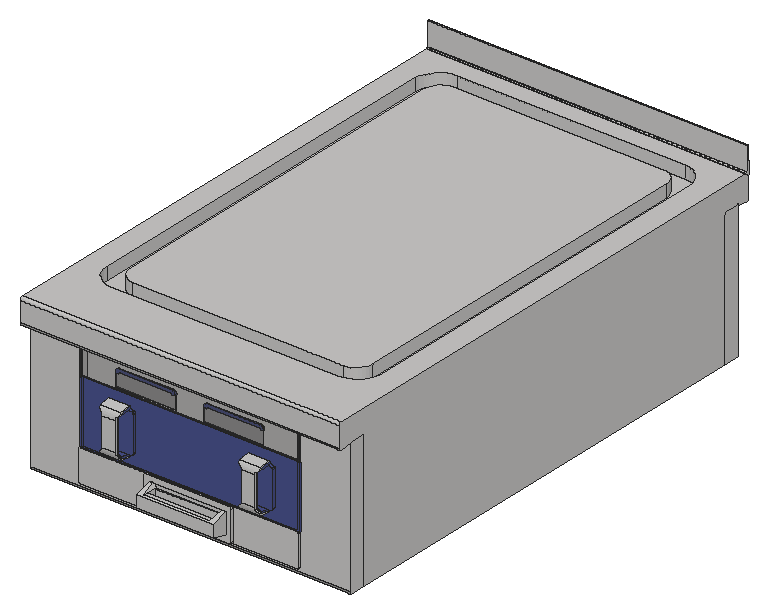
Revit family "QF_ELECTROLUXPROFESSIONAL_588004_MALBABEOAO", category Specialty Equipment, Revit 2018
Family settings
  Round Connector Dimension = Use Diameter
  Part Type = Normal
  Work Plane-Based = No
  Always vertical = Yes
  Cut with Voids When Loaded = No
  Shared = No
  Room Calculation Point = No
Parameters
  Weight in Pounds = 154.3  # constant formula
  Watts = 6000 VA  # 6000 W
  Volts = 400 V  # constant formula
  URL Cutsheet = ""
  Type Mark [instance] = ""
  Status [instance] = ""
  Specification by User [instance] = ""
  Specification by Manufacturer = ""
  Show Clearance [instance] = yes
  Serial Number = ""
  Seismic Rating = ""
  SMACNA No = ""
  Revision Code [instance] = ""
  Phase = 3  # constant formula
  Omniclass Number and Title = ""
  Number of Poles [instance] = 1
  NAFEM Spec ID Number = ""
  Model = "588004"
  Min Ckt Ampacity = 0 A
  Max Overcurrent Protection = 0 A
  Masterspec = ""
  Manufacturer = "ELECTROLUX"
  Item Number [instance] = ""
  Installed By [instance] = ""
  Identify Quantity as Lot [instance] = yes
  HP = "8 HP"
  Furnished By [instance] = ""
  Foodservice Equipment Identifier [instance] = yes
  FL Amps [instance] = if(Phase = 3, Watts / (Volts * 1.73), Watts / Volts)  # 8.67052 A
  Electrical Remarks = "400 V/3N ph/50/60 Hz"  # constant formula
  Electric Connection Type [instance] = ""
  Elec Conn RI Height [instance] = 0 mm
  Elec Conn Connection Height [instance] = 0 mm
  Direct Waste Size = 0"
  Description = "EL.SOLID TOP,2ZONE,ECO,1S,BS,500X800X250"
  Cycle [instance] = if([60 Hertz Option], 60 Hz, 50 Hz)  # 60 Hz
  Conn Plug = ""
  Conn Conduit = yes
  CSI MasterFormat = ""
  CSI Master Format = ""
  Back Panel [instance] = yes
  Apparent Power [instance] = if(Phase = 3, Volts * FL Amps * 1.73, Volts * FL Amps)  # 6000 VA
  60 Hertz Option [instance] = not([50 Hertz Option])  # yes
  50 Hertz Option [instance] = no
Reference planes
  plane 1 "BACK": y = -100
  plane 2: z = 0
  plane 3 "LEFT": x = 0
  plane 4 "RIGHT": x = 500
  plane 5 "FRONT": y = -900
  plane 6 "TOP": z = 250
  plane 7: x = 250
  plane 8: y = -500
  plane 9: z = 582.185
  plane 10: x = 455
  plane 11: y = -1330
Forms (mm)
  Extrusion 1, solid, material "QF_Finishes_Stainless Steel"
    sketch origin (0, -487.128, 0) x (0, 1, 0) y (0, 0, 1)
      loop
        line (383.128, 250) -> (-408.872, 250)
        arc (-408.872, 250) -> (-411.7, 248.828) -> (-412.872, 246) r 4
        line (-412.872, 246) -> (-412.872, 214)
        arc (-412.872, 214) -> (-411.443, 210.936) -> (-408.177, 210.061) r 4
        line (-408.177, 210.061) -> (-391.509, 213) -> (-366.872, 213) -> (-366.872, 0) -> (341.128, 0) -> (341.128, 213) -> (365.765, 213) -> (382.433, 210.061)
        arc (382.433, 210.061) -> (385.699, 210.936) -> (387.128, 214) r 4
        line (387.128, 214) -> (387.128, 246)
        arc (387.128, 246) -> (385.956, 248.828) -> (383.128, 250) r 4
    from 0 to 500
  Extrusion 2, solid, material "QF_Finishes_Stainless Steel", visible <- "Back Panel"
    sketch origin (0, 0, 0) x (0, 1, 0) y (0, 0, 1)
      loop
        line (-146, 0) -> (-120, 0) -> (-120, 215)
        arc (-120, 215) -> (-120.586, 213.586) -> (-122, 213) r 2
        line (-122, 213) -> (-146, 213) -> (-146, 0)
    from 0 to 500
  Extrusion 3, void
    sketch origin (653.786, -55.952, 250) x (1, 0, 0) y (0, -1, 0)
      loop
        arc (-619.186, 115.648) -> (-608.349, 89.485) -> (-582.186, 78.648) r 37
        line (-582.186, 78.648) -> (-225.386, 78.648)
        arc (-225.386, 78.648) -> (-199.223, 89.485) -> (-188.386, 115.648) r 37
        line (-188.386, 115.648) -> (-188.386, 716.572)
        arc (-188.386, 716.572) -> (-199.656, 743.779) -> (-226.863, 755.048) r 38.476
        line (-226.863, 755.048) -> (-582.186, 755.048)
        arc (-582.186, 755.048) -> (-608.349, 744.211) -> (-619.186, 718.048) r 37
        line (-619.186, 718.048) -> (-619.186, 115.648)
    from 0 to 19.1
  Extrusion 4, solid, material "QF_Finishes_Stainless Steel"
    sketch origin (0, -854, 0) x (1, 0, 0) y (0, -1, 0)
      loop
        circle (455, -169) r 6.35
    from 0 to 3.2
  Extrusion 5, solid, material "QF_Finishes_Stainless Steel"
    sketch origin (653.786, 9.048, 230.9) x (1, 0, 0) y (0, 1, 0)
      loop
        arc (-568.386, -169.048) -> (-586.347, -176.488) -> (-593.786, -194.448) r 25.4
        line (-593.786, -194.448) -> (-593.786, -769.248)
        arc (-593.786, -769.248) -> (-586.347, -787.209) -> (-568.386, -794.648) r 25.4
        line (-568.386, -794.648) -> (-239.186, -794.648)
        arc (-239.186, -794.648) -> (-221.226, -787.209) -> (-213.786, -769.248) r 25.4
        line (-213.786, -769.248) -> (-213.786, -194.448)
        arc (-213.786, -194.448) -> (-221.226, -176.488) -> (-239.186, -169.048) r 25.4
        line (-239.186, -169.048) -> (-568.386, -169.048)
    from 0 to 19.1
  Extrusion 6, solid, material "QF_Door-Drawer Clearances", visible <- "Show Clearance", detail levels coarse
    sketch origin (287.31, -881.593, 8.62) x (0, 0, 1) y (-1, 0, 0)
      loop
        line (1.973, -134.295) -> (49.317, -134.295)
        arc (49.317, -134.295) -> (50.776, -133.691) -> (51.38, -132.232) r 2.063
        line (51.38, -132.232) -> (51.38, 206.852)
        arc (51.38, 206.852) -> (50.88, 208.549) -> (49.541, 209.705) r 3.133
        line (49.541, 209.705) -> (3.067, 209.705)
        arc (3.067, 209.705) -> (0.898, 208.807) -> (0, 206.638) r 3.067
        line (0, 206.638) -> (0, -132.322)
        arc (0, -132.322) -> (0.578, -133.717) -> (1.973, -134.295) r 1.973
    from 0 to 448.407
  Extrusion 7, solid, material "QF_Finishes_Stainless Steel"
    sketch origin (0, -950.048, 294.179) x (0, -1, 0) y (0, 0, -1)
      loop
        arc (-848.097, 42.179) -> (-847.511, 43.594) -> (-846.097, 44.179) r 2
        arc (-846.097, 44.179) -> (-848.877, 45.357) -> (-850.048, 48.185) r 4
        line (-850.048, 48.185) -> (-850.048, 6.179) -> (-848.097, 6.179) -> (-848.097, 42.179)
    from 0 to 500
Cuts and joins
  Extrusion 3 cuts Extrusion 1
Lines and regions (mm)
  symbolic lines
    curve 1: line (0, -100, 0) -> (500, -100, 0)
    curve 2: line (0, -900, 0) -> (0, -100, 0)
    curve 3: line (500, -900, 0) -> (0, -900, 0)
    curve 4: line (500, -100, 0) -> (500, -900, 0)
    curve 5: line (124.883, -902.326, 0) -> (124.883, -900, 0)
    curve 6: spline (130.551, -903.73, 0) -> (130.073, -903.657, 0) -> (129.595, -903.575, 0) -> (129.118, -903.486, 0) -> (128.642, -903.389, 0) -> (128.167, -903.283, 0) -> (127.693, -903.17, 0) -> (127.221, -903.049, 0) -> (126.75, -902.92, 0) -> (126.281, -902.783, 0) -> (125.813, -902.638, 0) -> (125.347, -902.486, 0) -> (124.883, -902.326, 0)
    curve 7: line (157.098, -902.326, 0) -> (157.098, -900, 0)
    curve 8: spline (157.098, -902.326, 0) -> (156.634, -902.486, 0) -> (156.168, -902.638, 0) -> (155.7, -902.783, 0) -> (155.231, -902.92, 0) -> (154.76, -903.049, 0) -> (154.287, -903.17, 0) -> (153.814, -903.283, 0) -> (153.339, -903.389, 0) -> (152.863, -903.486, 0) -> (152.386, -903.575, 0) -> (151.908, -903.657, 0) -> (151.429, -903.73, 0)
    curve 9: line (130.551, -903.73, 0) -> (151.429, -903.73, 0)
    curve 10: line (375.117, -902.326, 0) -> (375.117, -900, 0)
    curve 11: spline (369.449, -903.73, 0) -> (369.927, -903.657, 0) -> (370.405, -903.575, 0) -> (370.882, -903.486, 0) -> (371.358, -903.389, 0) -> (371.833, -903.283, 0) -> (372.307, -903.17, 0) -> (372.779, -903.049, 0) -> (373.25, -902.92, 0) -> (373.719, -902.783, 0) -> (374.187, -902.638, 0) -> (374.653, -902.486, 0) -> (375.117, -902.326, 0)
    curve 12: line (342.902, -902.326, 0) -> (342.902, -900, 0)
    curve 13: spline (342.902, -902.326, 0) -> (343.366, -902.486, 0) -> (343.832, -902.638, 0) -> (344.3, -902.783, 0) -> (344.769, -902.92, 0) -> (345.24, -903.049, 0) -> (345.713, -903.17, 0) -> (346.186, -903.283, 0) -> (346.661, -903.389, 0) -> (347.137, -903.486, 0) -> (347.614, -903.575, 0) -> (348.092, -903.657, 0) -> (348.571, -903.73, 0)
    curve 14: line (369.449, -903.73, 0) -> (348.571, -903.73, 0)
    curve 26: line (414.6, -160, 0) -> (85.4, -160, 0)
    curve 27: arc (85.4, -160, 0) -> (67.439, -167.439, 0) -> (60, -185.4, 0) r 25.4
    curve 28: line (60, -185.4, 0) -> (60, -760.2, 0)
    curve 29: arc (60, -760.2, 0) -> (67.439, -778.161, 0) -> (85.4, -785.6, 0) r 25.4
    curve 30: line (85.4, -785.6, 0) -> (414.6, -785.6, 0)
    curve 31: arc (414.6, -785.6, 0) -> (432.561, -778.161, 0) -> (440, -760.2, 0) r 25.4
    curve 32: line (440, -760.2, 0) -> (440, -185.4, 0)
    curve 33: arc (440, -185.4, 0) -> (432.561, -167.439, 0) -> (414.6, -160, 0) r 25.4
    curve 34: line (0, -101.951, 0) -> (500, -101.951, 0)
    curve 35: line (197.608, -908.767, 0) -> (300.042, -908.767, 0)
    curve 36: line (300.042, -908.767, 0) -> (301.62, -900, 0)
    curve 37: line (197.608, -908.767, 0) -> (196.03, -900, 0)
  symbolic lines, style "QF_Door-Drawer Clearances"
    curve 15: line (77.605, -1330, 0) -> (77.605, -900, 0)
    curve 16: line (77.605, -1330, 0) -> (421.605, -1330, 0)
    curve 17: line (421.605, -1330, 0) -> (421.605, -900, 0)
  symbolic lines, style "SpecialityEquipment"
    curve 18: line (71.6, -134.6, 0) -> (428.4, -134.6, 0)
    curve 19: arc (428.4, -134.6, 0) -> (454.563, -145.437, 0) -> (465.4, -171.6, 0) r 37
    curve 20: line (465.4, -171.6, 0) -> (465.4, -772.524, 0)
    curve 21: arc (465.4, -772.524, 0) -> (454.131, -799.731, 0) -> (426.924, -811, 0) r 38.476
    curve 22: line (426.924, -811, 0) -> (71.6, -811, 0)
    curve 23: arc (71.6, -811, 0) -> (45.437, -800.163, 0) -> (34.6, -774, 0) r 37
    curve 24: line (34.6, -774, 0) -> (34.6, -171.6, 0)
    curve 25: arc (34.6, -171.6, 0) -> (45.437, -145.437, 0) -> (71.6, -134.6, 0) r 37
Dimensions and locks
  plane 3 "LEFT" to plane 4 "RIGHT" = 500 mm
  plane 5 "FRONT" to plane 1 "BACK" = 800 mm
  equal spacing: plane 3 "LEFT", plane 7, plane 4 "RIGHT"
  equal spacing: plane 5 "FRONT", plane 8, plane 1 "BACK"
  plane 6 "TOP" to level = 250 mm  (x2)
  plane 1 "BACK" to plane 5 "FRONT" = 800 mm
  Extrusion 4 sketch curve to plane 1 "BACK" = 585 mm
  Extrusion 4 sketch curve to plane 4 "RIGHT" = 45 mm
  plane 1 "BACK" to Extrusion 4 = 585 mm
  plane 10 to plane 4 "RIGHT" = 45 mm
  aligned and locked: level to plane 2
  aligned and locked: cut or joined group of Extrusion 1, Extrusion 3 to plane 4 "RIGHT"
  aligned and locked: Extrusion 2 to plane 4 "RIGHT"
  aligned and locked: plane 7 to nested 1
Automatic sketch dimensions
  Extrusion 2 sketch curve to Extrusion 2 sketch curve = 26 mm
  plane 1 "BACK" to Extrusion 2 sketch curve = 22 mm
  Extrusion 2 sketch curve to Extrusion 2 sketch curve = 2 mm
  level to Extrusion 2 sketch curve = 213 mm
  Extrusion 1 sketch curve to plane 5 "FRONT" = 0 mm
  Extrusion 1 sketch curve to plane 6 "TOP" = 0 mm
  Extrusion 1 sketch curve to level = 0 mm
  Extrusion 1 sketch curve to plane 1 "BACK" = 0 mm
  Extrusion 1 sketch curve to plane 6 "TOP" = 37 mm  (x2)
  Extrusion 1 sketch curve to plane 5 "FRONT" = 4 mm
  Extrusion 1 sketch curve to plane 5 "FRONT" = 21.363 mm
  Extrusion 1 sketch curve to plane 5 "FRONT" = 46 mm
  plane 1 "BACK" to Extrusion 1 sketch curve = 21.363 mm
  plane 1 "BACK" to Extrusion 1 sketch curve = 4 mm  (x2)
  Extrusion 1 sketch curve to Extrusion 1 sketch curve = 4 mm
  Extrusion 1 sketch curve to Extrusion 1 sketch curve = 0.695 mm
  Extrusion 1 sketch curve to Extrusion 1 sketch curve = 0 mm  (x4)
  plane 1 "BACK" to Extrusion 1 sketch curve = 4.695 mm
  Extrusion 1 sketch curve to Extrusion 1 sketch curve = 1 mm  (x2)
  plane 1 "BACK" to Extrusion 1 sketch curve = 46 mm
  level to Extrusion 6 sketch curve = 8.62 mm
  level to Extrusion 6 sketch curve = 57.937 mm
  plane 4 "RIGHT" to Extrusion 6 sketch curve = 78.395 mm
  Extrusion 6 sketch curve to Extrusion 6 sketch curve = 1.973 mm
  Extrusion 6 sketch curve to Extrusion 6 sketch curve = 3.067 mm
  Extrusion 6 sketch curve to plane 7 = 172.395 mm
  Extrusion 6 sketch curve to Extrusion 6 sketch curve = 46.474 mm
  Extrusion 6 sketch curve to Extrusion 6 sketch curve = 2.063 mm
  Extrusion 6 sketch curve to Extrusion 6 sketch curve = 3.133 mm
  Extrusion 1 to Extrusion 3 sketch curve = 34.6 mm  (x2)
  Extrusion 1 to Extrusion 3 sketch curve = 85 mm
  Extrusion 1 to Extrusion 3 sketch curve = 30.6 mm
  Extrusion 3 sketch curve to Extrusion 3 sketch curve = 37 mm  (x2)
  Extrusion 1 to Extrusion 3 sketch curve = 73.076 mm
  Extrusion 1 to Extrusion 3 sketch curve = 71.6 mm
  Extrusion 5 sketch curve to Extrusion 3 = 25.4 mm  (x3)
  Extrusion 5 sketch curve to Extrusion 5 sketch curve = 25.4 mm  (x2)
  Extrusion 5 sketch curve to Extrusion 3 = 50.8 mm  (x3)
  Extrusion 7 sketch curve to plane 1 "BACK" = 0 mm  (x2)
  Extrusion 7 sketch curve to plane 6 "TOP" = 2 mm
  Extrusion 7 sketch curve to plane 6 "TOP" = 0 mm
  Extrusion 7 sketch curve to Extrusion 7 sketch curve = 1.951 mm
  plane 6 "TOP" to Extrusion 7 sketch curve = 0.006 mm
  Extrusion 7 sketch curve to Extrusion 7 sketch curve = 0.049 mm
  Extrusion 7 sketch curve to Extrusion 7 sketch curve = 36 mm
  Extrusion 7 sketch curve to Extrusion 7 sketch curve = 0 mm
  plane 1 "BACK" to curve 1 = 0 mm
  curve 1 to plane 4 "RIGHT" = 0 mm
  curve 17 to plane 11 = 0 mm
  curve 2 to plane 3 "LEFT" = 0 mm
  plane 5 "FRONT" to curve 37 = 0 mm
  curve 20 to plane 10 = 10.4 mm
  plane 10 to curve 32 = 15 mm
  plane 10 to curve 18 = 26.6 mm
  plane 10 to curve 22 = 28.076 mm
  plane 10 to curve 17 = 33.395 mm
  curve 21 to curve 30 = 12.324 mm
  curve 19 to curve 26 = 13.8 mm
  plane 5 "FRONT" to curve 10 = 2.326 mm
  curve 17 to curve 10 = 46.488 mm
  plane 5 "FRONT" to curve 14 = 3.73 mm
  curve 10 to curve 14 = 5.669 mm
  curve 14 to curve 14 = 20.878 mm
  plane 5 "FRONT" to curve 12 = 2.326 mm
  curve 14 to curve 12 = 5.669 mm
  curve 13 to curve 36 = 42.859 mm
  plane 5 "FRONT" to curve 7 = 2.326 mm
  curve 7 to plane 7 = 92.902 mm
  plane 5 "FRONT" to curve 9 = 3.73 mm
  curve 7 to curve 9 = 5.669 mm
  curve 9 to curve 9 = 20.878 mm
  plane 5 "FRONT" to curve 5 = 2.326 mm
  curve 9 to curve 5 = 5.669 mm
  plane 3 "LEFT" to curve 26 = 85.4 mm
  plane 3 "LEFT" to curve 30 = 85.4 mm
  plane 3 "LEFT" to curve 15 = 77.605 mm
  curve 27 to curve 18 = 13.8 mm
  curve 30 to curve 22 = 13.8 mm
  curve 23 to curve 28 = 11.6 mm
  curve 27 to curve 24 = 25.4 mm
  plane 5 "FRONT" to curve 11 = 4.032 mm
  curve 14 to curve 11 = 4.17 mm
  plane 5 "FRONT" to curve 13 = 4.032 mm
  curve 13 to curve 13 = 4.17 mm
  curve 36 to curve 35 = 1.578 mm
  plane 5 "FRONT" to curve 37 = 8.767 mm
  curve 37 to curve 8 = 40.51 mm
  curve 37 to curve 37 = 1.578 mm
  curve 7 to curve 8 = 9.839 mm
  curve 8 to curve 6 = 12.538 mm
  plane 1 "BACK" to curve 18 = 34.6 mm
  curve 26 to curve 19 = 11.6 mm
  curve 28 to plane 5 "FRONT" = 139.8 mm
  curve 32 to curve 20 = 12.324 mm
  plane 1 "BACK" to curve 34 = 1.951 mm
  curve 8 to plane 5 "FRONT" = 39.101 mm
  curve 6 to curve 8 = 0 mm
  Extrusion 2 sketch curve to level = 0 mm
  radius of Extrusion 4 sketch curve = 6.35 mm
Nested families
  nested 1: "EST_800_500 mm Double Control Front Panel" at (252.376, -854, -650), type "EST_800_500 mm Double Control Front Panel"
Connectors
  electrical at (455, -685, -3.2), driven by "Volts", driven by "Watts"
    settings: on Extrusion 4, index 1, voltage 400 V, apparent load 6000 VA, apparent load phase1 0 VA, apparent load phase2 0 VA, apparent load phase3 0 VA, power factor 1, load classification "Other", number of poles 1, system type 30, power factor state 1, is connector primary yes, connector utility no, sub classification motor no, connector description "ELECTRICAL CONNECTION"
Definition of nested family "EST_800_500 mm Double Control Front Panel"
  Parameters
    Length = 500 mm
  Reference planes
    plane 1 "Center (Front/Back)": y = 0
    plane 2: z = 0
    plane 3 "Center (Left/Right)": x = -2.376
    plane 4: x = -252.376
    plane 5: x = 247.624
  Forms (mm)
    Extrusion 1, solid
      sketch origin (833.217, 829.203, -1.25) x (0, 1, 0) y (0, 0, 1)
        loop
          arc (-854.203, 654.25) -> (-853.324, 652.129) -> (-851.203, 651.25) r 3
          line (-851.203, 651.25) -> (-829.203, 651.25) -> (-829.203, 864.25) -> (-854.203, 864.25) -> (-854.203, 654.25)
      from -1085.593 to -585.593
    Extrusion 2, void
      sketch origin (33.217, 829.203, -1.25) x (1, 0, 0) y (0, 0, 1)
        loop
          line (-207.593, 852.364) -> (-207.593, 710.364) -> (136.407, 710.364) -> (136.407, 852.364) -> (-207.593, 852.364)
      from 843.409 to 854.203
  Cuts and joins
    Extrusion 2 cuts Extrusion 1
  Dimensions and locks
    equal spacing: plane 5, plane 3 "Center (Left/Right)", plane 4
    "Length": plane 5 to plane 4
    locked: nested 2 to plane 4 at 117.396
    locked: plane 5 to nested 1 at 117
    locked: nested 2 to plane 4 at 141.217
    locked: plane 5 to nested 1 at 140.821
    aligned and locked: cut or joined group of Extrusion 1, Extrusion 2 to plane 4
    aligned and locked: plane 5 to cut or joined group of Extrusion 1, Extrusion 2
    aligned and locked: plane 3 "Center (Left/Right)" to nested 3
  Automatic sketch dimensions
    Extrusion 1 sketch curve to plane 1 "Center (Front/Back)" = 0 mm
    plane 1 "Center (Front/Back)" to Extrusion 1 sketch curve = 22 mm
    Extrusion 1 sketch curve to Extrusion 1 sketch curve = 3 mm
    level to Extrusion 1 sketch curve = 650 mm
    Extrusion 1 sketch curve to Extrusion 1 sketch curve = 210 mm
    plane 4 to Extrusion 2 sketch curve = 78 mm
    Extrusion 2 sketch curve to plane 5 = 78 mm
    level to Extrusion 2 sketch curve = 709.114 mm
    Extrusion 2 sketch curve to Extrusion 2 sketch curve = 142 mm
  Nested families
    nested 1: "Range Control Handle" at (106.804, -28.137, -209.113), type "Range Control Handle"
    nested 2: "Range Control Handle" at (-111.159, -28.137, -209.113) x (-1, 0, 0) z (0, 0, 1), type "Range Control Handle"
    nested 3: "glass conrol panel One Right Side" at (-2.376, 278.697, 0), type "glass conrol panel One Right Side"
    nested 4: "grease trap door" at (65.223, -25, 0.608) x (-1, 0, 0) z (0, 0, 1), type "grease trap door"
  Definition of nested family "Range Control Handle"
    Reference planes
      plane 1 "Center (Front/Back)": y = 0
      plane 2: z = 0
      plane 3 "Center (Left/Right)": x = 0
      plane 4: z = 971.092
    Forms (mm)
      Extrusion 1, solid
        sketch origin (-746.28, 380.497, 208.931) x (-1, 0, 0) y (0, 0, 1)
          loop
            line (-770.101, 786.798) -> (-770.101, 731.649)
            arc (-770.101, 731.649) -> (-769.759, 730.563) -> (-768.855, 729.87) r 1.893
            line (-768.855, 729.87) -> (-763.474, 727.911) -> (-729.81, 727.911) -> (-724.428, 729.87)
            arc (-724.428, 729.87) -> (-723.525, 730.563) -> (-723.183, 731.649) r 1.893
            line (-723.183, 731.649) -> (-723.183, 786.798)
            arc (-723.183, 786.798) -> (-723.529, 787.894) -> (-724.44, 788.593) r 1.91
            line (-724.44, 788.593) -> (-729.683, 790.819) -> (-763.601, 790.819) -> (-768.844, 788.593)
            arc (-768.844, 788.593) -> (-769.755, 787.894) -> (-770.101, 786.798) r 1.91
        from -382.35 to -378.852
      Sweep 2, solid
        path origin (-746.788, 380.496, 208.091) x (0, -1, 0) y (0, 0, 1)
          loop
            line (379.775, 793.281) -> (395.661, 791.048)
            arc (395.661, 791.048) -> (397.781, 787.377) -> (398.517, 783.202) r 12.207
            line (398.517, 783.202) -> (398.517, 737.368)
            arc (398.517, 737.368) -> (397.781, 733.193) -> (395.661, 729.522) r 12.207
            line (395.661, 729.522) -> (379.775, 727.289)
        profile origin (-746.788, -7.222, 1000.256) x (0, -0.139173, 0.990268) y (-1, 0, 0)
          loop
            line (0.782, -763.123) -> (0.782, -730.907) -> (-1.322, -730.907) -> (-1.322, -763.123) -> (0.782, -763.123)
      Sweep 3, solid
        path origin (-746.788, 380.715, 207.832) x (0, -1, 0) y (0, 0, 1)
          loop
            line (380.478, 795.442) -> (397.218, 793.09)
            arc (397.218, 793.09) -> (399.929, 788.473) -> (400.871, 783.202) r 15.207
            line (400.871, 783.202) -> (400.871, 737.584)
            arc (400.871, 737.584) -> (399.914, 732.274) -> (397.164, 727.633) r 15.207
            line (397.164, 727.633) -> (380.601, 725.305)
        profile origin (-746.788, -8.132, 1002.099) x (0, -0.139173, 0.990268) y (-1, 0, 0)
          loop
            line (0.782, -763.123) -> (0.782, -730.907) -> (-1.322, -730.907) -> (-1.322, -763.123) -> (0.782, -763.123)
      Extrusion 4, void
        sketch origin (889.253, 220.666, 207.993) x (1, 0, 0) y (0, 0, 1)
          loop
            line (-943.038, 816.854) -> (-943.038, 703.686) -> (-899.466, 734.196) -> (-899.466, 786.344) -> (-943.038, 816.854)
        from 230.636 to 242.25
      Extrusion 5, void
        sketch origin (-888.8, 220.666, 207.993) x (-1, 0, 0) y (0, 0, -1)
          loop
            line (-943.038, -816.854) -> (-899.466, -786.344) -> (-899.466, -734.196) -> (-943.038, -703.686) -> (-943.038, -816.854)
        from 230.636 to 242.25
      Extrusion 6, solid
        sketch origin (0, 0, 0) x (1, 0, 0) y (0, 0, 1)
          loop
            circle (0, 971.092) r 7.736
        from -3.137 to -1.645
    Cuts and joins
      Extrusion 4, Extrusion 5 cuts Sweep 3
      Extrusion 4, Extrusion 5 cuts Sweep 2
      joined: Extrusion 1, Extrusion 6
    Lines and regions (mm)
      symbolic lines
        curve 1: line (23.821, 1.645, 0) -> (-23.097, 1.645, 0)
        curve 2: line (16.334, -1.853, 0) -> (23.821, -1.853, 0)
        curve 3: line (-15.881, -19.189, 0) -> (-15.881, -1.853, 0)
        curve 4: line (-23.097, -1.853, 0) -> (-15.881, -1.853, 0)
        curve 5: line (16.334, -19.189, 0) -> (16.334, -1.853, 0)
        curve 6: spline (-15.881, -19.189, 0) -> (-15.417, -19.349, 0) -> (-14.951, -19.501, 0) -> (-14.483, -19.646, 0) -> (-14.014, -19.783, 0) -> (-13.543, -19.912, 0) -> (-13.071, -20.033, 0) -> (-12.597, -20.146, 0) -> (-12.122, -20.251, 0) -> (-11.646, -20.349, 0) -> (-11.169, -20.438, 0) -> (-10.691, -20.52, 0) -> (-10.213, -20.593, 0)
        curve 7: spline (10.666, -20.593, 0) -> (11.144, -20.52, 0) -> (11.622, -20.438, 0) -> (12.099, -20.349, 0) -> (12.575, -20.251, 0) -> (13.05, -20.146, 0) -> (13.524, -20.033, 0) -> (13.996, -19.912, 0) -> (14.467, -19.783, 0) -> (14.936, -19.646, 0) -> (15.404, -19.501, 0) -> (15.87, -19.349, 0) -> (16.334, -19.189, 0)
        curve 8: line (-10.213, -20.938, 0) -> (10.716, -20.938, 0)
        curve 9: line (-23.097, 1.645, 0) -> (-23.097, -1.853, 0)
        curve 10: line (23.821, 1.645, 0) -> (23.821, -1.853, 0)
  Definition of nested family "glass conrol panel One Right Side"
    Reference planes
      plane 1 "Center (Front/Back)": y = 0
      plane 2: z = 0
      plane 3 "Center (Left/Right)": x = 0
    Forms (mm)
      Extrusion 1, solid
        sketch origin (378.286, 0, 0.617) x (1, 0, 0) y (0, 0, 1)
          loop
            line (-550.286, 806.791) -> (-550.286, 708.497) -> (-206.286, 708.497) -> (-206.286, 806.791) -> (-550.286, 806.791)
        from 300.031 to 304.8
      Extrusion 2, solid
        sketch origin (378.286, 0, 0.617) x (1, 0, 0) y (0, 0, 1)
          loop
            line (-550.286, 850.497) -> (-550.286, 806.791) -> (-206.286, 806.791) -> (-206.286, 850.497) -> (-550.286, 850.497)
        from 300.031 to 304.8
      Extrusion 3, void
        sketch origin (378.286, 0, 0.617) x (1, 0, 0) y (0, 0, 1)
          loop
            line (-547.628, 847.565) -> (-547.628, 710.699) -> (-209.196, 710.699) -> (-209.196, 847.565) -> (-547.628, 847.565)
        from 303.697 to 304.8
      Extrusion 4, solid
        sketch origin (377.536, 1.101, -0.633) x (1, 0, 0) y (0, 0, 1)
          loop
            line (-261.431, 812.62) -> (-261.431, 834.177) -> (-266.24, 834.177) -> (-268.039, 835.977) -> (-348.469, 835.977) -> (-350.269, 834.177) -> (-355.186, 834.177) -> (-355.186, 812.62) -> (-261.431, 812.62)
        from 304.798 to 306.745
      Extrusion 5, solid
        sketch origin (377.536, 1.101, -0.633) x (1, 0, 0) y (0, 0, 1)
          loop
            line (-350.269, 834.177) -> (-348.469, 835.977) -> (-268.039, 835.977) -> (-266.24, 834.177) -> (-261.529, 834.177)
            arc (-261.529, 834.177) -> (-262.706, 838.752) -> (-266.98, 840.763) r 5.549
            line (-266.98, 840.763) -> (-349.686, 840.763)
            arc (-349.686, 840.763) -> (-353.942, 838.747) -> (-355.078, 834.177) r 5.5
            line (-355.078, 834.177) -> (-350.269, 834.177)
        from 304.798 to 306.745
      Extrusion 6, solid
        sketch origin (-377.536, 1.101, -0.633) x (-1, 0, 0) y (0, 0, -1)
          loop
            line (-261.431, -812.62) -> (-355.186, -812.62) -> (-355.186, -834.177) -> (-350.269, -834.177) -> (-348.469, -835.977) -> (-268.039, -835.977) -> (-266.24, -834.177) -> (-261.431, -834.177) -> (-261.431, -812.62)
        from 304.798 to 306.745
      Extrusion 7, solid
        sketch origin (-377.536, 1.101, -0.633) x (-1, 0, 0) y (0, 0, -1)
          loop
            line (-350.269, -834.177) -> (-355.078, -834.177)
            arc (-355.078, -834.177) -> (-353.942, -838.747) -> (-349.686, -840.763) r 5.5
            line (-349.686, -840.763) -> (-266.98, -840.763)
            arc (-266.98, -840.763) -> (-262.706, -838.752) -> (-261.529, -834.177) r 5.549
            line (-261.529, -834.177) -> (-266.24, -834.177) -> (-268.039, -835.977) -> (-348.469, -835.977) -> (-350.269, -834.177)
        from 304.798 to 306.745
    Cuts and joins
      Extrusion 3 cuts Extrusion 1
      Extrusion 3 cuts Extrusion 2
      Extrusion 3 cuts Extrusion 4
      Extrusion 3 cuts Extrusion 5
    Dimensions and locks
      aligned and locked: Extrusion 1 to Extrusion 2
      aligned and locked: Extrusion 5 sketch curve to Extrusion 4  (x4)
      aligned and locked: Extrusion 4 to Extrusion 5 sketch curve
      aligned and locked: Extrusion 5 to Extrusion 4
      aligned and locked: Extrusion 7 sketch curve to Extrusion 6  (x5)
      aligned and locked: Extrusion 7 to Extrusion 6
  Definition of nested family "grease trap door"
    Reference planes
      plane 1 "Center (Front/Back)": y = 0
      plane 2: z = 0
      plane 3 "Center (Left/Right)": x = 0
    Forms (mm)
      Extrusion 1, solid
        sketch origin (1627.55, 854.203, -1.25) x (1, 0, 0) y (0, 0, 1)
          loop
            arc (-1627.55, 661.235) -> (-1626.972, 659.84) -> (-1625.577, 659.262) r 1.973
            line (-1625.577, 659.262) -> (-1494.325, 659.262)
            arc (-1494.325, 659.262) -> (-1492.156, 660.16) -> (-1491.258, 662.329) r 3.067
            line (-1491.258, 662.329) -> (-1491.258, 708.803)
            arc (-1491.258, 708.803) -> (-1492.414, 710.143) -> (-1494.111, 710.642) r 3.133
            line (-1494.111, 710.642) -> (-1625.486, 710.642)
            arc (-1625.486, 710.642) -> (-1626.945, 710.038) -> (-1627.55, 708.579) r 2.063
            line (-1627.55, 708.579) -> (-1627.55, 661.235)
        from 856.795 to 859.203
      Extrusion 2, solid
        sketch origin (445.874, 2476.61, 0) x (0, 1, 0) y (0, 0, 1)
          loop
            line (-2506.377, 675.273) -> (-2481.61, 667.505) -> (-2481.61, 700.995) -> (-2506.377, 693.227) -> (-2506.377, 675.273)
        from -437.68 to -317.68
      Extrusion 3, void
        sketch origin (1627.55, 854.203, -1.25) x (1, 0, 0) y (0, 0, 1)
          loop
            line (-1614.883, 703) -> (-1610.542, 695.433) -> (-1508.17, 695.433) -> (-1503.828, 703) -> (-1614.883, 703)
          loop
            line (-1614.883, 668) -> (-1502.669, 668) -> (-1507.01, 675.567) -> (-1610.542, 675.567) -> (-1614.883, 668)
        from 832.916 to 883.97
      Extrusion 4, void
        sketch origin (447.55, 854.203, -1.25) x (1, 0, 0) y (0, 0, 1)
          loop
            line (-430.542, 695.433) -> (-430.542, 675.567) -> (-328.17, 675.567) -> (-328.17, 695.433) -> (-430.542, 695.433)
        from 859.203 to 874.202
      Extrusion 5, solid
        sketch origin (1627.55, 854.203, -1.25) x (1, 0, 0) y (0, 0, 1)
          loop
            arc (-1731.556, 661.235) -> (-1730.978, 659.84) -> (-1729.583, 659.262) r 1.973
            line (-1729.583, 659.262) -> (-1390.623, 659.262)
            arc (-1390.623, 659.262) -> (-1388.454, 660.16) -> (-1387.556, 662.329) r 3.067
            line (-1387.556, 662.329) -> (-1387.556, 708.803)
            arc (-1387.556, 708.803) -> (-1388.712, 710.143) -> (-1390.409, 710.642) r 3.133
            line (-1390.409, 710.642) -> (-1729.493, 710.642)
            arc (-1729.493, 710.642) -> (-1730.952, 710.038) -> (-1731.556, 708.579) r 2.063
            line (-1731.556, 708.579) -> (-1731.556, 661.235)
        from 854.203 to 856.795
    Cuts and joins
      Extrusion 3 cuts Extrusion 1
      Extrusion 3, Extrusion 4 cuts Extrusion 2
      joined: Extrusion 1, Extrusion 2
    Lines and regions (mm)
      symbolic lines
        curve 1: line (0, -2.593, 0) -> (136.292, -2.593, 0)
        curve 2: line (17.557, -29.767, 0) -> (12.667, -2.593, 0)
        curve 3: line (17.557, -29.767, 0) -> (119.991, -29.767, 0)
        curve 4: line (119.991, -29.767, 0) -> (124.881, -2.593, 0)
        curve 5: line (68.146, -2.593, 0) -> (68.146, -29.767, 0)
      model lines
        curve 6: line (67.599, 0, 658.012) -> (67.599, 0, 709.392)
    Dimensions and locks
      aligned and locked: Extrusion 2 to Extrusion 1
      aligned and locked: Extrusion 3 to Extrusion 2
      aligned and locked: Extrusion 4 to Extrusion 1
